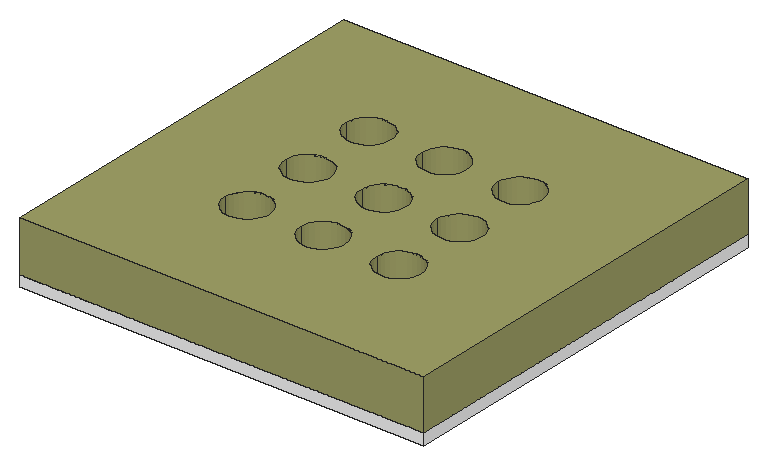
Revit family "Cambio Wall Systems - Lighting - Geometric 9 Circles", category Generic Models, host Face, Revit 2023
Family settings
  Host = Face
  Can host rebar = No
  Round Connector Dimension = Use Diameter
  Part Type = Normal
  Cut with Voids When Loaded = No
  Maintain Annotation Orientation = No
  Shared = No
  Room Calculation Point = No
Parameters (values of type "Panel Color - LIME")
  Default Elevation = 4' - 0"
  Cambio Material = Cambio Lighting - Geometric - Lime
Types (6): name | Cambio Material
  Panel Color - COBALT | Cambio Lighting - Geometric - Cobalt
  Panel Color - JET | Cambio Lighting - Geometric - Jet
  Panel Color - LIGHT GREY | Cambio Lighting - Geometric - Light Grey
  Panel Color - LIME | Cambio Lighting - Geometric - Lime
  Panel Color - ORANGE | Cambio Lighting - Geometric - Orange
  Panel Color - PEWTER | Cambio Lighting - Geometric - Pewter
Reference planes (in)
  plane 1 "Center (Front/Back)": y = 0
  plane 2: z = 0
  plane 3 "Center (Left/Right)": x = 0
Forms (in)
  Extrusion 1, solid, material "Cambio Lighting - Geometric - Lime" <- "Cambio Material"
    sketch origin (0, 0, 0) x (1, 0, 0) y (0, 1, 0)
      loop
        line (-9, 9) -> (-9, -9) -> (9, -9) -> (9, 9) -> (-9, 9)
      loop
        circle (-3.375, 3.375) r 1
      loop
        circle (0, 3.375) r 1
      loop
        circle (3.375, 3.375) r 1
      loop
        circle (3.375, 0) r 1
      loop
        circle (-3.375, 0) r 1
      loop
        circle (0, 0) r 1
      loop
        circle (-3.375, -3.375) r 1
      loop
        circle (0, -3.375) r 1
      loop
        circle (3.375, -3.375) r 1
    from 0.5 to 2.75
  Extrusion 2, solid, material "Default New Material"
    sketch origin (0, 0, 1) x (0, -1, 0) y (1, 0, 0)
      loop
        line (-9, -9) -> (9, -9) -> (9, 9) -> (-9, 9) -> (-9, -9)
    from -1 to -0.5
Dimensions and locks (in)
  Extrusion 1 sketch curve to plane 3 "Center (Left/Right)" to Extrusion 1 sketch curve = 0' - 9", 0' - 9"
  Extrusion 1 sketch curve to plane 1 "Center (Front/Back)" to Extrusion 1 sketch curve = 0' - 9" locked, 0' - 9" locked
  Extrusion 2 sketch curve to Extrusion 2 sketch curve = 1' - 6"  (x2)
  aligned and locked: plane 2 to host face
  aligned and locked: level to host face
